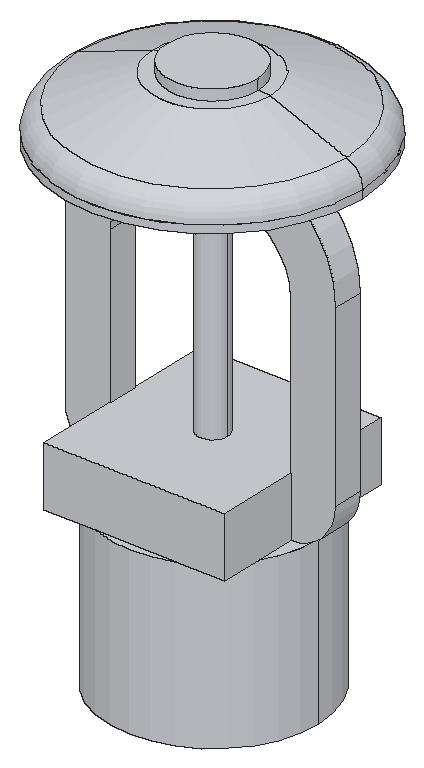
Revit family
Parameters (values of type "RASCO F1FR UPRIGHT")
  Temperature Rating = 200 °F
  Response = 1
  RASCO SIN # = "R3623"
  RASCO Part # = "F1FRU27B"
  Pressure Rating = "175 PSI"
  Pressure Class = (empty or 0)
  Orifice Size = 7/16"
  Orifice = (empty or 0)
  Model = "F1FR"
  Manufacturer = "RASCO"
  K-Factor = 5.6
  Description = "Bronze Finish"
  Coverage = (empty or 0)
Reference planes (in)
  plane 1 "Center (Front/Back)": y = 0
  plane 2: z = 0
  plane 3 "Center (Left/Right)": x = 0
Nested families (in)
  nested 1: "F1FRU27LB" at (0.0162, 0.02015, 0), type "RASCO F1FR UPRIGHT"
Connectors (in)
  piping at (0.0162, 0.02015, 0)
    settings: on nested 1, index 1, connector radius 115/256", flow factor 0, pipe flow 0 GPM, pressure drop 0.00 psi, fitting loss kfactor 0, connector angle 0.00°, fixture units 0, flow configuration 0, flow direction 0, fitting loss method 0, system type 7, connector reference index -1, connector utility 0, adjustable connector no, is connector primary yes, fitting loss table "", connector description ""
Definition of nested family "F1FRU27LB"
  Parameters (values of type "RASCO F1FR UPRIGHT")
    Type Comments = ""
    Temperature Rating = 0 °F
    Response = (empty or 0)
    Pressure Rating = "0"
    Pressure Class = (empty or 0)
    Orifice Size = 0"
    Orifice = (empty or 0)
    Model = ""
    Manufacturer = ""
    K-Factor = 0
    Description = ""
    Coverage = (empty or 0)
    Assembly Code = ""
  Reference planes (in)
    plane 1 "Center (Front/Back)": y = 0
    plane 2: z = 0
    plane 3 "ref.2": z = 0.6875
    plane 4 "ref.3": z = 0.9375
    plane 5: x = -0.38065
    plane 6: x = 0.36935
    plane 7 "ref. side 1": y = 0.06402
    plane 8 "ref. side 2": y = -0.06098
    plane 9 "ref.4": z = 1.875
    plane 10 "ref.5": z = 2.3125
    plane 11 "ref.6": z = 2.4375
  Forms (in)
    Extrusion 1, solid
      sketch origin (0, 0, 0) x (1, 0, 0) y (0, 1, 0)
        loop
          circle (0, 0) r 0.4375
      from 0 to 0.6875
    Extrusion 2, solid
      sketch origin (-0.12185, 0.05177, 0.6875) x (1, 0, 0) y (0, 1, 0)
        loop
          line (-0.2588, 0.356) -> (-0.2588, -0.4565) -> (0.4912, -0.4565) -> (0.4912, 0.356) -> (-0.2588, 0.356)
      from 0 to 0.25
    Extrusion 3, solid
      sketch origin (0, 0, 0) x (1, 0, 0) y (0, 0, 1)
        loop
          line (-0.38065, 0.68754) -> (-0.38065, 1.58397)
          arc (-0.38065, 1.58397) -> (-0.29541, 1.78976) -> (-0.08962, 1.875) r 0.29103
          line (-0.08962, 1.875) -> (0.07524, 1.875)
          arc (0.07524, 1.875) -> (0.28321, 1.78886) -> (0.36935, 1.58089) r 0.29411
          line (0.36935, 1.58089) -> (0.36935, 0.68751)
          arc (0.36935, 0.68751) -> (0.50207, 0.74393) -> (0.55685, 0.87734) r 0.18984
          line (0.55685, 0.87734) -> (0.55685, 1.61676)
          arc (0.55685, 1.61676) -> (0.42629, 1.93194) -> (0.11111, 2.0625) r 0.44574
          line (0.11111, 2.0625) -> (-0.12259, 2.0625)
          arc (-0.12259, 2.0625) -> (-0.43765, 1.932) -> (-0.56815, 1.61694) r 0.44556
          line (-0.56815, 1.61694) -> (-0.56815, 0.87876)
          arc (-0.56815, 0.87876) -> (-0.51345, 0.74486) -> (-0.38065, 0.68754) r 0.19126
      from -0.06402 to 0.06098
    Extrusion 4, solid
      sketch origin (0, 0, 0.9375) x (-1, 0, 0) y (0, -1, 0)
        loop
          circle (0.00574, -0.00152) r 0.0625
      from 0 to 0.9375
    Extrusion 5, solid
      sketch origin (0, 0, 1.875) x (-1, 0, 0) y (0, -1, 0)
        loop
          circle (0.00574, -0.00152) r 0.1875
      from 0 to 0.4375
    Revolve 6, solid
      sketch origin (0, 0, -0.31276) x (1, 0, 0) y (0, 0, 1)
        loop
          line (-0.19324, 2.33367) -> (-0.19324, 2.58367) -> (-0.24995, 2.58367) -> (-0.56395, 2.46314)
          arc (-0.56395, 2.46314) -> (-0.61243, 2.42492) -> (-0.63074, 2.36595) r 0.1041
          line (-0.63074, 2.36595) -> (-0.63074, 2.33367) -> (-0.19324, 2.33367)
        axis (-0.00574, 2.33367) -> (-0.00574, 2.58367)
      angle from 0 to 360
  Cuts and joins
    joined: Extrusion 1, Extrusion 2, Extrusion 4, Revolve 6
  Lines and regions (in)
    model lines
      curve 1: line (-0.00574, 0.06402, 1.875) -> (-0.00574, -0.06098, 1.875)
